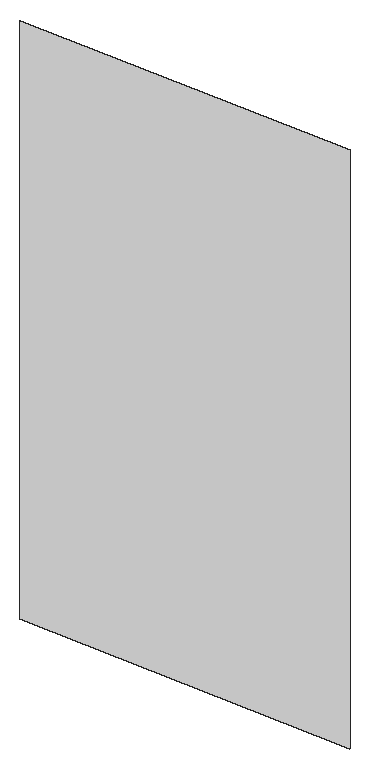
Revit family "PKNail Duplex Outlet", category Electrical Fixtures, host Wall, Revit 2017
Family settings
  Host = Wall
  Maintain Annotation Orientation = No
  Round Connector Dimension = Use Diameter
  Part Type = Normal
  OmniClass Number = 23.80.50.11.11
  OmniClass Title = Receptacle Terminal Units
  Always vertical = Yes
  Cut with Voids When Loaded = No
  Shared = No
  Room Calculation Point = No
Parameters (values of type "Duplex Outlet")
  Width = 70.00 mm
  PKNail Family Measure Location Centered = yes
  PKNail Family Instance Elevation [instance] = 254.00 mm
  PKNail Family Fixed Dimensions = "Width:Height"
  Height = 114.00 mm
  Material = Plastic - White
  Assembly Code = ""
Reference planes
  plane 1: y = 0
  plane 2 "Center (Left/Right)": x = 0
  plane 3 "Back": y = 76.2
  plane 4 "Left": x = -35
  plane 5 "Right": x = 35
  plane 6: z = 247.65
  plane 7: z = 361.65
  plane 8 "Center (Elevation)": z = 304.65
  plane 9: y = 80.962
  plane 10: y = 82.55
  plane 11: z = 50.65
Forms (mm)
  Blend 1, solid, material "Plastic - White" <- "Material"
    base sketch origin (0, 76.2, 0) x (1, 0, 0) y (0, 0, 1)
      loop
        line (35, 361.65) -> (-35, 361.65) -> (-35, 247.65) -> (35, 247.65) -> (35, 361.65)
    top sketch origin (0, 76.2, 0) x (1, 0, 0) y (0, 0, 1)
      loop
        line (30.238, 356.888) -> (-30.237, 356.888) -> (-30.237, 252.413) -> (30.238, 252.413) -> (30.238, 356.888)
    from 0 to -4.762
Lines and regions (mm)
  model lines, style "InvisibleLines"
    curve 1: line (0, 76.2, 50.65) -> (0, 76.2, 247.65)
Text (mm)
  text "Placement Side" at (0, 1019.848, 3124.603), in view "Right"
  text "Placement Side" at (0, 1206.291, 3571.227), in view "Left"
Dimensions and locks
  locked: plane 3 "Back" to host wall
  "Height": plane 6 to plane 7
  "Width": plane 5 "Right" to plane 4 "Left"
  equal spacing: plane 5 "Right", plane 2 "Center (Left/Right)", plane 4 "Left"
  equal spacing: plane 6, plane 8 "Center (Elevation)", plane 7
  locked: plane 3 "Back" to plane 9 at 4.762
  locked: plane 9 to plane 10 at 1.588
  "PKNail Family Instance Elevation": plane 11 to plane 8 "Center (Elevation)"
  aligned and locked: plane 6 to Blend 1 sketch curve
  aligned and locked: plane 5 "Right" to Blend 1 sketch curve
  aligned and locked: Blend 1 sketch curve to plane 7
  aligned and locked: plane 3 "Back" to nested 1
  aligned and locked: Blend 1 to curve 1
  aligned and locked: plane 2 "Center (Left/Right)" to curve 1
Automatic sketch dimensions
  plane 4 "Left" to Blend 1 sketch curve = 4.762 mm
  Blend 1 sketch curve to plane 5 "Right" = 4.763 mm
  Blend 1 sketch curve to plane 6 = 4.763 mm
  plane 7 to Blend 1 sketch curve = 4.762 mm
  Blend 1 sketch curve to plane 4 "Left" = 0.00 mm
  curve 1 to plane 11 = 0.00 mm
Nested families
  nested 1: "Outlet Annotation" at (-0.091, 76.2, 0), type "Outlet Annotation"
Definition of nested family "Outlet Annotation"
  Reference planes
    plane 1: y = 0
    plane 2: x = 0
  Lines and regions (mm)
    detail lines
      curve 1: arc (-1.218, 2.706, 0) -> (1.219, 4.039, 0) -> (-1.218, 2.706, 0) r 1.389
      curve 2: line (-0.461, 0.398, 0) -> (-0.461, 4.684, 0)
      curve 3: line (0.461, 0.398, 0) -> (0.461, 4.684, 0)
